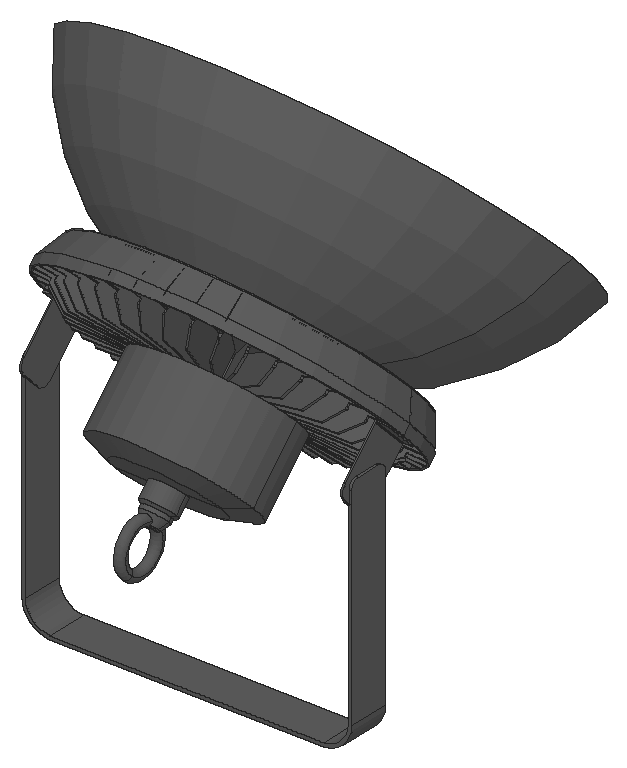
Revit family "0039366+0039354+0039357 Sylvania Lighting Fixture START HighBay IP65 DALI 19000lm 840 WB with BRACKET and ALU SHADE BLACK COLOR FOR 13 19KLM", category Lighting Fixtures, host Face, Revit 2016
Family settings
  Host = Face
  Part Type = Normal
  Round Connector Dimension = Use Diameter
  OmniClass Number = 23.80.70.00
  OmniClass Title = Lighting
  Cut with Voids When Loaded = No
  Light Source = No
  Shared = No
  Room Calculation Point = No
Parameters (values of type "0039366+0039354+0039357  START HighBay IP65 DALI 19000lm 840 WB with BRACKET and ALU SHADE BLACK COLOR FOR 13/19KLM")
  Weight = "3.4 kg"
  Wattage Comments = ""
  WarrantyStartDate [instance] = "n/a"
  WarrantyGuarantorParts = "n/a"
  WarrantyDurationUnit = "n/a"
  WarrantyDurationParts = "n/a"
  WarrantyDescription = "n/a"
  Voltage = 0 V
  URL = "http://www.sylvania-lighting.com"
  TypeName = "START HighBay IP65 DALI 19000lm 840 WB with BRACKET and ALU SHADE BLACK COLOR FOR 13/19KLM"
  TypeHead_FEILO = Start LED Highbay DALI Head : 0039366+0039354+0039357 START HighBay IP65 DALI 19000lm 840 WB with BRACKET and ALU SHADE BLACK COLOR FOR 13/19KLM
  Type Image = <None>
  Type Comments = "n/a"
  TiltAngle_FEILO [instance] = 45.00°
  ThicknessBracketPlate_FEILO = 3 mm
  SizeBracketS_FEILO = no
  SizeBracketM_FEILO = yes
  SerialNumber [instance] = "n/a"
  RadiusBracketTop_FEILO = 7 mm
  RadiusBendOut_FEILO = if(SizeBracketS_FEILO, 18 mm, if(SizeBracketM_FEILO, 24 mm, 28 mm))  # 24 mm
  RadiusBendIn_FEILO = RadiusBendOut_FEILO - ThicknessBracketPlate_FEILO  # 21 mm
  Material_3_FEILO = none
  PowerFactor = 0.95
  PowerConsumption = "150 W"
  NominalLength = 296 mm
  NominalHeight = 172 mm
  NominalDepth = 296 mm
  Name = "START HighBay IP65 DALI 19000lm 840 WB with BRACKET and ALU SHADE BLACK COLOR FOR 13/19KLM"
  ModelReference = Name  # "START HighBay IP65 DALI 19000lm 840 WB with BRACKET and ALU SHADE BLACK COLOR FOR 13/19KLM"
  ModelNumber = "0039366+0039354+0039357"
  Model = Name  # "START HighBay IP65 DALI 19000lm 840 WB with BRACKET and ALU SHADE BLACK COLOR FOR 13/19KLM"
  Material = "aluminium alloy housing, polycarbonate diffuser"
  ManufacturerName = "Feilo Sylvania"
  Manufacturer = "Feilo Sylvania"
  LuminousEfficacy = "130 lm/W"
  LuminaireType = ""
  LightOutputRatio = "n/a"
  LampsType = Lamp  # "LED"
  LampNominalLuminous = "19500 lm"
  LampMacAdamStep = "6"
  LampColourTemperature = "6500 K"
  LampColourRenderingIndex = "80"
  Lamp = "LED"
  Keynote = "16500"
  InstallationDate [instance] = "n/a"
  InputVoltage = "n/a"
  InputNominalFrequency = "50/60 Hz"
  IngressProtection = "IP65"
  ImpactProtectionIndex = "IK08"
  IfcExportType = "IfcLightFixtureType"
  IfcExportAs = "IfcLightFixtureType"
  ExpectedLife = 50000
  EndAngle_FEILO [instance] = TiltAngle_FEILO + 180.00°  # 225.00°
  ElectricShockClassification = "Class I"
  DurationUnit = "hours"
  DocumentationLiterature = "http://www.sylvania-lighting.com/product/en-int/products/0039366"
  DimmingControlOptions = "Dimmable"
  Material_2_FEILO = none
  Description = "START Highbay, includes 1 m cables, black aluminium housing, 19,500 Lm, 150 W, 130 Lm/W, 6500 K, drive current: 3300 mA, CRI 80, 90° beam angle, DALI dimmable, IP65, IK08, 50,000 hrs (L80/B50), (D x H) 296 x 172 mm."
  Default Elevation = 1219.2 mm
  CreatedOn = "5/15/2018"
  CreatedBy = "aron.fodor@sylvania-lighting.com"
  Cost = 0
  built-in parameter 1114216 [instance] = (empty or 0)
  ClassificationValue = "EF_70_80"
  ClassificationName = "Uniclass2015"
  Material_1_FEILO = Body-Sylvania-StartHighbay-Black
  BracketHeight_FEILO = if(SizeBracketS_FEILO, 199.5 mm, if(SizeBracketM_FEILO, 209.6 mm, 201.3 mm))  # 209.6 mm
  BracketDistanceInner_FEILO = if(SizeBracketS_FEILO, 249.4 mm, if(SizeBracketM_FEILO, 273.6 mm, 313.2 mm))  # 273.6 mm
  BarCode [instance] = "n/a"
  AssetType = "Fixed"
  AssetIdentifier [instance] = "n/a"
  Assembly Code = "D5020200"
  Apparent Load = 150 VA
  Material_4_FEILO = none
Reference planes
  plane 1 "Center (Front/Back)": y = 0
  plane 2: z = 0
  plane 3 "Center (Left/Right)": x = 0
  plane 4: x = -139.8
  plane 5: x = 139.8
  plane 6: z = 209.6
  plane 7: x = -136.8
  plane 8: z = 3
  plane 9: x = 136.8
  plane 10: y = 17.5
  plane 11: y = -17.5
  plane 12: y = -19.5
  plane 13: z = 211.6
  plane 14: y = 19.5
  plane 15: z = 200.6
Forms (mm)
  Extrusion 1, solid, material "Body-Sylvania-StartHighbay-Black" <- "Material_1_FEILO"
    sketch origin (0, 0, 0) x (1, 0, 0) y (0, 0, 1)
      loop
        line (-139.8, 209.6) -> (-139.8, 24)
        arc (-139.8, 24) -> (-132.771, 7.029) -> (-115.8, 0) r 24
        line (-115.8, 0) -> (115.8, 0)
        arc (115.8, 0) -> (132.771, 7.029) -> (139.8, 24) r 24
        line (139.8, 24) -> (139.8, 209.6) -> (136.8, 209.6) -> (136.8, 24)
        arc (136.8, 24) -> (130.649, 9.151) -> (115.8, 3) r 21
        line (115.8, 3) -> (-115.8, 3)
        arc (-115.8, 3) -> (-130.649, 9.151) -> (-136.8, 24) r 21
        line (-136.8, 24) -> (-136.8, 209.6) -> (-139.8, 209.6)
    from -17.5 to 17.5
  Extrusion 2, void
    sketch origin (0, 0, 0) x (0, 1, 0) y (0, 0, 1)
      loop
        arc (10.5, 209.6) -> (15.45, 207.55) -> (17.5, 202.6) r 7
        line (17.5, 202.6) -> (19.5, 202.6) -> (19.5, 211.6) -> (-19.5, 211.6) -> (-19.5, 202.6) -> (-17.5, 202.6)
        arc (-17.5, 202.6) -> (-15.45, 207.55) -> (-10.5, 209.6) r 7
        line (-10.5, 209.6) -> (10.5, 209.6)
    from -139.8 to 139.8
  Revolve 3, solid, not visible
    sketch origin (1223.4, -4572, 200.6) x (0, -1, 0) y (1, 0, 0)
      loop
        line (-4572, -1223.4) -> (-4591.5, -1223.4) -> (-4591.5, -1277.783) -> (-4572, -1277.783) -> (-4572, -1223.4)
      axis (-4572, -1223.4) -> (-4572, -1277.783)
    angle from 45 <- "TiltAngle_FEILO" to 225 <- "EndAngle_FEILO"
Cuts and joins
  Extrusion 2 cuts Extrusion 1
Dimensions and locks
  "BracketHeight_FEILO": plane 6 to plane 2
  equal spacing: plane 11, plane 1 "Center (Front/Back)", plane 10
  locked: plane 11 to plane 10 at 35
  equal spacing: plane 9, plane 3 "Center (Left/Right)", plane 7
  "BracketDistanceInner_FEILO": plane 9 to plane 7
  "ThicknessBracketPlate_FEILO": plane 7 to plane 4
  "ThicknessBracketPlate_FEILO": plane 8 to plane 2
  equal spacing: plane 5, plane 3 "Center (Left/Right)", plane 4
  equal spacing: plane 12, plane 1 "Center (Front/Back)", plane 14
  locked: plane 6 to plane 13 at 2
  locked: plane 12 to plane 11 at 2
  locked: plane 6 to plane 15 at 9
  "RadiusBendOut_FEILO": radius of Extrusion 1 sketch curve  (x2)
  "RadiusBendIn_FEILO": radius of Extrusion 1 sketch curve  (x2)
  "RadiusBracketTop_FEILO": radius of Extrusion 2 sketch curve  (x2)
  aligned and locked: plane 2 to host face
  aligned and locked: level to host face
  aligned and locked: Extrusion 1 sketch curve to plane 4
  aligned and locked: Extrusion 1 sketch curve to level
  aligned and locked: plane 6 to Extrusion 1 sketch curve
  aligned and locked: Extrusion 1 sketch curve to plane 6
  aligned and locked: Extrusion 1 sketch curve to plane 7
  aligned and locked: plane 9 to Extrusion 1 sketch curve
  aligned and locked: plane 8 to Extrusion 1 sketch curve
  aligned and locked: Extrusion 1 to plane 10
  aligned and locked: plane 11 to Extrusion 1
  aligned and locked: Extrusion 1 to Extrusion 2 sketch curve
  aligned and locked: plane 14 to Extrusion 2 sketch curve  (x2)
  aligned and locked: Extrusion 2 sketch curve to plane 12
  aligned and locked: plane 13 to Extrusion 2 sketch curve
  aligned and locked: plane 5 to Extrusion 2
  aligned and locked: Extrusion 2 to plane 4
  aligned and locked: Revolve 3 sketch curve to plane 1 "Center (Front/Back)"
  aligned and locked: Revolve 3 sketch curve to Revolve 3 sketch curve
  aligned and locked: plane 3 "Center (Left/Right)" to Revolve 3 sketch curve
  aligned and locked: Revolve 3 sketch curve to plane 14
  aligned and locked: nested 1 to plane 3 "Center (Left/Right)"
Automatic sketch dimensions
  host sketch curve to host sketch curve = 2438.4 mm  (x2)
  Revolve 3 sketch curve to Revolve 3 sketch curve = 54.383 mm
  Revolve 3 sketch curve to plane 4 = 1396.3 mm
  plane 5 to Revolve 3 sketch curve = 1396.3 mm
  Extrusion 1 sketch curve to Extrusion 1 sketch curve = 0 mm
  Extrusion 2 sketch curve to plane 11 = 0 mm
  Extrusion 2 sketch curve to plane 10 = 0 mm
Nested families
  nested 1: "Start LED Highbay DALI Head" at (0, 0, 200.6) x (-1, 0, 0) z (0, 0.7071, 0.7071), type <- "TypeHead_FEILO", type "0039366+0039354+0039357 START HighBay IP65 DALI 19000lm 840 WB with BRACKET and ALU SHADE BLACK COLOR FOR 13/19KLM"
    with built-in parameter 1114216 (empty or 0)
Connectors
  electrical at (0, 0, 0), driven by "Apparent Load", driven by "PowerFactor", driven by "Voltage"
    settings: index 1, voltage 0 V, apparent load 150 VA, apparent load phase1 0 VA, apparent load phase2 0 VA, apparent load phase3 0 VA, power factor 0.95, load classification "Lighting", number of poles 1, system type 30, power factor state 1, is connector primary yes, connector utility no, sub classification motor no, connector description ""
Definition of nested family "Start LED Highbay DALI Head"
  Parameters (values of type "0039367+0039355+0039361 START HighBay IP65 DALI 26000lm 840 WB with BRACKET and PC LAMPSHADE TRANSPARENT FOR 26KLM")
    X_FEILO = if(SizeS_FEILO, 60.3 mm, if(SizeM_FEILO, 70.4 mm, 83.5 mm))  # 83.5 mm
    WidthStraight_FEILO = if(SizeS_FEILO, 3 mm, if(SizeM_FEILO, 4 mm, 4.7 mm))  # 4.7 mm
    WidthRingChamfer_FEILO = if(SizeS_FEILO, 10.3 mm, if(SizeM_FEILO, 11.2 mm, 12.9 mm))  # 12.9 mm
    WidthCurved_FEILO = if(SizeS_FEILO, 17.4 mm, if(SizeM_FEILO, 16.4 mm, 26.2 mm))  # 26.2 mm
    WidthCurvedRing_FEILO = if(SizeS_FEILO, 3 mm, if(SizeM_FEILO, 4 mm, 4.7 mm))  # 4.7 mm
    WidthBracket_FEILO = 40 mm
    Wattage Comments = ""
    Wattage = 190 W
    built-in parameter 1150110 = 1 (stored number, unit not read)
    URL = "http://www.sylvania-lighting.com"
    Type Image = (empty or 0)
    Type Comments = "n/a"
    built-in parameter 1114217 = 1 (stored number, unit not read)
    Tilt Angle = -90.00°
    ThicknessWall_FEILO = 1.5 mm
    ThicknessBracket_FEILO = 1.5 mm
    ThicknessBracketHalf_FEILO = ThicknessBracket_FEILO / 2  # 0.75 mm
    built-in parameter 1150109 = 1 (stored number, unit not read)
    built-in parameter 1150134 = 1
    built-in parameter 1150113 = 1 (stored number, unit not read)
    SizeS_FEILO = no
    SizeM_FEILO = no
    ShadeThickness_FEILO = 3 mm
    ShadeSizeSM_FEILO = or(SizeS_FEILO, SizeM_FEILO)  # no
    ShadeRadiusOut_FEILO = 205 mm
    ShadeRadiusIn_FEILO = if(ShadeSizeSM_FEILO, 95 mm, 121 mm)  # 121 mm
    ShadeRadiusBend_FEILO = if(ShadeSizeSM_FEILO, 210 mm, 210 mm)  # 210 mm
    ShadeOn_FEILO = yes
    ShadeHeight_FEILO = if(ShadeSizeSM_FEILO, 120 mm, 151 mm)  # 151 mm
    Rib4_FEILO = if(SizeS_FEILO, 18.1 mm, if(SizeM_FEILO, 13.6 mm, 14.6 mm))  # 14.6 mm
    Rib3_FEILO = if(SizeS_FEILO, 15.3 mm, if(SizeM_FEILO, 17.6 mm, 20.2 mm))  # 20.2 mm
    Rib2_FEILO = if(SizeS_FEILO, 3.6 mm, if(SizeM_FEILO, 3.9 mm, 4.5 mm))  # 4.5 mm
    Rib1_FEILO = if(SizeS_FEILO, 15.1 mm, if(SizeM_FEILO, 16.5 mm, 19 mm))  # 19 mm
    RadiusDiffuser_FEILO = if(SizeS_FEILO, 95.2 mm, if(SizeM_FEILO, 105.3 mm, 120 mm))  # 120 mm
    RadiusArrayPost_FEILO = DriverRadius_FEILO - 6 mm  # 70.4 mm
    RHRadius3_FEILO = if(SizeS_FEILO, 6.6 mm, if(SizeM_FEILO, 7.4 mm, 8.6 mm))  # 8.6 mm
    RHRadius2_FEILO = if(SizeS_FEILO, 11 mm, if(SizeM_FEILO, 12 mm, 14 mm))  # 14 mm
    RHRadius1_FEILO = if(SizeS_FEILO, 13.6 mm, if(SizeM_FEILO, 14.9 mm, 17.7 mm))  # 17.7 mm
    RHHeight4_FEILO = if(SizeS_FEILO, 7.3 mm, if(SizeM_FEILO, 8 mm, 9.2 mm))  # 9.2 mm
    RHHeight3_FEILO = if(SizeS_FEILO, 3.6 mm, if(SizeM_FEILO, 3.7 mm, 4.6 mm))  # 4.6 mm
    RHHeight2_FEILO = if(SizeS_FEILO, 2 mm, if(SizeM_FEILO, 2.2 mm, 2.6 mm))  # 2.6 mm
    RHHeight1_FEILO = if(SizeS_FEILO, 11.8 mm, if(SizeM_FEILO, 15.3 mm, 17.4 mm))  # 17.4 mm
    Photometric Web File = "0039367+0039361.ies"
    Material_5_FEILO = none
    Material_3_FEILO = none
    Model = "START HighBay IP65 DALI 26000lm 840 WB with BRACKET and PC LAMPSHADE TRANSPARENT FOR 26KLM"
    Manufacturer = "Feilo Sylvania"
    built-in parameter 1150105 = 33385.3 (stored number, unit not read)
    Lumens = 24700 lm
    built-in parameter 1150115 = 1 (stored number, unit not read)
    built-in parameter 1150137 = (empty or 0)
    built-in parameter 1150139 = (empty or 0)
    built-in parameter 1150112 = 1 (stored number, unit not read)
    built-in parameter 1150114 = 1 (stored number, unit not read)
    Lamp = "LED"
    Keynote = "16500"
    built-in parameter 1150132 = (empty or 0)
    built-in parameter 1150102 = (empty or 0)
    built-in parameter 1150107 = 6500 (stored number, unit not read)
    built-in parameter 1150138 = (empty or 0)
    built-in parameter 1150106 = 333.85 (stored number, unit not read)
    HeightRing_FEILO = if(SizeS_FEILO, 19.8 mm, if(SizeM_FEILO, 32 mm, 36.8 mm))  # 36.8 mm
    HeightRingChamfer_FEILO = if(SizeS_FEILO, 11.7 mm, if(SizeM_FEILO, 23.2 mm, 26.6 mm))  # 26.6 mm
    EyeThickness_FEILO = if(SizeS_FEILO, 8.4 mm, if(SizeM_FEILO, 9.2 mm, 10.5 mm))  # 10.5 mm
    EyeThicknessHalf_FEILO = EyeThickness_FEILO / 2  # 5.25 mm
    EyeInner_FEILO = if(SizeS_FEILO, 13.8 mm, if(SizeM_FEILO, 15.1 mm, 17.3 mm))  # 17.3 mm
    Emit from Circle Diameter = RadiusDiffuser_FEILO * 2  # 240 mm
    Emit Shape Visible in Rendering = no
    built-in parameter 1150104 = 12.077 (stored number, unit not read)
    DriverVerticalStraight_FEILO = if(SizeS_FEILO, 46.5 mm, if(SizeM_FEILO, 49.7 mm, 57 mm))  # 57 mm
    DriverVerticalChamfer_FEILO = if(SizeS_FEILO, 7.5 mm, if(SizeM_FEILO, 8.2 mm, 9.5 mm))  # 9.5 mm
    DriverRadius_FEILO = if(SizeS_FEILO, 61.4 mm, if(SizeM_FEILO, 67.2 mm, 76.4 mm))  # 76.4 mm
    DriverRadiusTop_FEILO = if(SizeS_FEILO, 42 mm, if(SizeM_FEILO, 45.3 mm, 52.4 mm))  # 52.4 mm
    DriverBottom_FEILO = if(SizeS_FEILO, 56 mm, if(SizeM_FEILO, 64.5 mm, 74 mm))  # 74 mm
    Material_2_FEILO = none
    Radius_FEILO = if(SizeS_FEILO, 135 mm, if(SizeM_FEILO, 148 mm, 169.5 mm))  # 169.5 mm
    Dimming Lamp Color Temperature Shift = (empty or 0)
    DiameterWire_FEILO = 3 mm
    DiameterWireSupport_FEILO = 10 mm
    Description = "START Highbay, includes 1 m cables, black aluminium housing, 24,700 Lm, 190 W, 130 Lm/W, 6500 K, drive current: 4100 mA, CRI 80, 90° beam angle, DALI dimmable, IP65, IK08, 50,000 hrs (L80/B50), (D x H) 339 x 189 mm."
    Default Elevation = 1219.2 mm
    Cost = 0
    Color Filter = 16777215
    built-in parameter 1114216 [instance] = (empty or 0)
    Material_1_FEILO = none
    built-in parameter 1114218 = 1 (stored number, unit not read)
    built-in parameter 1150133 = 10 (stored number, unit not read)
    Assembly Code = "D5020200"
    Apparent Load = 190 VA
    Material_4_FEILO = none
  Types (24, lengths in mm): name | X_FEILO | WidthStraight_FEILO | WidthRingChamfer_FEILO | WidthCurved_FEILO | WidthCurvedRing_FEILO | Wattage | built-in parameter 1150134 | SizeS_FEILO | SizeM_FEILO | ShadeSizeSM_FEILO | ShadeRadiusIn_FEILO | ShadeOn_FEILO | ShadeHeight_FEILO | Rib4_FEILO | Rib3_FEILO | Rib2_FEILO | Rib1_FEILO | RadiusDiffuser_FEILO | RadiusArrayPost_FEILO | RHRadius3_FEILO | RHRadius2_FEILO | RHRadius1_FEILO | RHHeight4_FEILO | RHHeight3_FEILO | RHHeight2_FEILO | RHHeight1_FEILO | Photometric Web File | Model | built-in parameter 1150105 | Lumens | built-in parameter 1150107 | built-in parameter 1150106 | HeightRing_FEILO | HeightRingChamfer_FEILO | EyeThickness_FEILO | EyeThicknessHalf_FEILO | EyeInner_FEILO | Emit from Circle Diameter | DriverVerticalStraight_FEILO | DriverVerticalChamfer_FEILO | DriverRadius_FEILO | DriverRadiusTop_FEILO | DriverBottom_FEILO | Radius_FEILO | Description | Apparent Load
    0039367+0039355+0039361 START HighBay IP65 DALI 26000lm 840 WB with BRACKET and PC LAMPSHADE TRANSPARENT FOR 26KLM | 83.5 | 4.7 | 12.9 | 26.2 | 4.7 | 190 W | 1 | no | no | no | 121 | yes | 151 | 14.6 | 20.2 | 4.5 | 19 | 120 | 70.4 | 8.6 | 14 | 17.7 | 9.2 | 4.6 | 2.6 | 17.4 | "0039367+0039361.ies" | "START HighBay IP65 DALI 26000lm 840 WB with BRACKET and PC LAMPSHADE TRANSPARENT FOR 26KLM" | 33385.3 (stored number, unit not read) | 24700 lm | 6500 (stored number, unit not read) | 333.85 (stored number, unit not read) | 36.8 | 26.6 | 10.5 | 5.25 | 17.3 | 240 | 57 | 9.5 | 76.4 | 52.4 | 74 | 169.5 | "START Highbay, includes 1 m cables, black aluminium housing, 24,700 Lm, 190 W, 130 Lm/W, 6500 K, drive current: 4100 mA, CRI 80, 90° beam angle, DALI dimmable, IP65, IK08, 50,000 hrs (L80/B50), (D x H) 339 x 189 mm." | 190 VA
    0039367+0039355+0039360 START HighBay IP65 DALI 26000lm 840 WB with BRACKET and ALU SHADE BLACK COLOR FOR 26KLM | 83.5 | 4.7 | 12.9 | 26.2 | 4.7 | 190 W | 1 | no | no | no | 121 | yes | 151 | 14.6 | 20.2 | 4.5 | 19 | 120 | 70.4 | 8.6 | 14 | 17.7 | 9.2 | 4.6 | 2.6 | 17.4 | "0039367+0039360.ies" | "START HighBay IP65 DALI 26000lm 840 WB with BRACKET and ALU SHADE BLACK COLOR FOR 26KLM" | 33569.2 (stored number, unit not read) | 24700 lm | 6500 (stored number, unit not read) | 335.69 (stored number, unit not read) | 36.8 | 26.6 | 10.5 | 5.25 | 17.3 | 240 | 57 | 9.5 | 76.4 | 52.4 | 74 | 169.5 | "START Highbay, includes 1 m cables, black aluminium housing, 24,700 Lm, 190 W, 130 Lm/W, 6500 K, drive current: 4100 mA, CRI 80, 90° beam angle, DALI dimmable, IP65, IK08, 50,000 hrs (L80/B50), (D x H) 339 x 189 mm." | 190 VA
    0039367+0039355+0039359 START HighBay IP65 DALI 26000lm 840 WB with BRACKET and ALU SHADE ALU COLOR FOR 26KLM | 83.5 | 4.7 | 12.9 | 26.2 | 4.7 | 190 W | 1 | no | no | no | 121 | yes | 151 | 14.6 | 20.2 | 4.5 | 19 | 120 | 70.4 | 8.6 | 14 | 17.7 | 9.2 | 4.6 | 2.6 | 17.4 | "0039367+0039359.ies" | "START HighBay IP65 DALI 26000lm 840 WB with BRACKET and ALU SHADE ALU COLOR FOR 26KLM" | 33569.2 (stored number, unit not read) | 24700 lm | 6500 (stored number, unit not read) | 335.69 (stored number, unit not read) | 36.8 | 26.6 | 10.5 | 5.25 | 17.3 | 240 | 57 | 9.5 | 76.4 | 52.4 | 74 | 169.5 | "START Highbay, includes 1 m cables, black aluminium housing, 24,700 Lm, 190 W, 130 Lm/W, 6500 K, drive current: 4100 mA, CRI 80, 90° beam angle, DALI dimmable, IP65, IK08, 50,000 hrs (L80/B50), (D x H) 339 x 189 mm." | 190 VA
    0039367+0039355 START HighBay IP65 DALI 26000lm 840 WB with BRACKET | 83.5 | 4.7 | 12.9 | 26.2 | 4.7 | 190 W | 1 | no | no | no | 121 | no | 151 | 14.6 | 20.2 | 4.5 | 19 | 120 | 70.4 | 8.6 | 14 | 17.7 | 9.2 | 4.6 | 2.6 | 17.4 | "0039367.ies" | "START HighBay IP65 DALI 26000lm 840 WB with BRACKET" | 13532 (stored number, unit not read) | 24700 lm | 6500 (stored number, unit not read) | 135.32 (stored number, unit not read) | 36.8 | 26.6 | 10.5 | 5.25 | 17.3 | 240 | 57 | 9.5 | 76.4 | 52.4 | 74 | 169.5 | "START Highbay, includes 1 m cables, black aluminium housing, 24,700 Lm, 190 W, 130 Lm/W, 6500 K, drive current: 4100 mA, CRI 80, 90° beam angle, DALI dimmable, IP65, IK08, 50,000 hrs (L80/B50), (D x H) 339 x 189 mm." | 190 VA
    0039366+0039354+0039358 START HighBay IP65 DALI 19000lm 840 WB with BRACKET and PC LAMPSHADE TRANSPARENT 13/19KLM | 70.4 | 4 | 11.2 | 16.4 | 4 | 150 W | 1 | no | yes | yes | 95 | yes | 120 | 13.6 | 17.6 | 3.9 | 16.5 | 105.3 | 61.2 | 7.4 | 12 | 14.9 | 8 | 3.7 | 2.2 | 15.3 | "0039366+0039358.ies" | "START HighBay IP65 DALI 19000lm 840 WB with BRACKET and PC LAMPSHADE TRANSPARENT 13/19KLM" | 26356.9 (stored number, unit not read) | 19500 lm | 6500 (stored number, unit not read) | 263.57 (stored number, unit not read) | 32 | 23.2 | 9.2 | 4.6 | 15.1 | 210.6 | 49.7 | 8.2 | 67.2 | 45.3 | 64.5 | 148 | "START Highbay, includes 1 m cables, black aluminium housing, 19,500 Lm, 150 W, 130 Lm/W, 6500 K, drive current: 3300 mA, CRI 80, 90° beam angle, DALI dimmable, IP65, IK08, 50,000 hrs (L80/B50), (D x H) 296 x 172 mm." | 150 VA
    0039366+0039354+0039357 START HighBay IP65 DALI 19000lm 840 WB with BRACKET and ALU SHADE BLACK COLOR FOR 13/19KLM | 70.4 | 4 | 11.2 | 16.4 | 4 | 150 W | 1 | no | yes | yes | 95 | yes | 120 | 13.6 | 17.6 | 3.9 | 16.5 | 105.3 | 61.2 | 7.4 | 12 | 14.9 | 8 | 3.7 | 2.2 | 15.3 | "0039366+0039357.ies" | "START HighBay IP65 DALI 19000lm 840 WB with BRACKET and ALU SHADE BLACK COLOR FOR 13/19KLM" | 26502 (stored number, unit not read) | 19500 lm | 6500 (stored number, unit not read) | 265.02 (stored number, unit not read) | 32 | 23.2 | 9.2 | 4.6 | 15.1 | 210.6 | 49.7 | 8.2 | 67.2 | 45.3 | 64.5 | 148 | "START Highbay, includes 1 m cables, black aluminium housing, 19,500 Lm, 150 W, 130 Lm/W, 6500 K, drive current: 3300 mA, CRI 80, 90° beam angle, DALI dimmable, IP65, IK08, 50,000 hrs (L80/B50), (D x H) 296 x 172 mm." | 150 VA
    0039366+0039354+0039356 START HighBay IP65 DALI 19000lm 840 WB with BRACKET and ALU SHADE ALU COLOR FOR 13/19KLM | 70.4 | 4 | 11.2 | 16.4 | 4 | 150 W | 1 | no | yes | yes | 95 | yes | 120 | 13.6 | 17.6 | 3.9 | 16.5 | 105.3 | 61.2 | 7.4 | 12 | 14.9 | 8 | 3.7 | 2.2 | 15.3 | "0039366+0039356.ies" | "START HighBay IP65 DALI 19000lm 840 WB with BRACKET and ALU SHADE ALU COLOR FOR 13/19KLM" | 26502 (stored number, unit not read) | 19500 lm | 6500 (stored number, unit not read) | 265.02 (stored number, unit not read) | 32 | 23.2 | 9.2 | 4.6 | 15.1 | 210.6 | 49.7 | 8.2 | 67.2 | 45.3 | 64.5 | 148 | "START Highbay, includes 1 m cables, black aluminium housing, 19,500 Lm, 150 W, 130 Lm/W, 6500 K, drive current: 3300 mA, CRI 80, 90° beam angle, DALI dimmable, IP65, IK08, 50,000 hrs (L80/B50), (D x H) 296 x 172 mm." | 150 VA
    0039366+0039354 START HighBay IP65 DALI 19000lm 840 WB with BRACKET | 70.4 | 4 | 11.2 | 16.4 | 4 | 150 W | 1 | no | yes | yes | 95 | no | 120 | 13.6 | 17.6 | 3.9 | 16.5 | 105.3 | 61.2 | 7.4 | 12 | 14.9 | 8 | 3.7 | 2.2 | 15.3 | "0039366.ies" | "START HighBay IP65 DALI 19000lm 840 WB with BRACKET" | 10981.5 (stored number, unit not read) | 19500 lm | 6500 (stored number, unit not read) | 109.82 (stored number, unit not read) | 32 | 23.2 | 9.2 | 4.6 | 15.1 | 210.6 | 49.7 | 8.2 | 67.2 | 45.3 | 64.5 | 148 | "START Highbay, includes 1 m cables, black aluminium housing, 19,500 Lm, 150 W, 130 Lm/W, 6500 K, drive current: 3300 mA, CRI 80, 90° beam angle, DALI dimmable, IP65, IK08, 50,000 hrs (L80/B50), (D x H) 296 x 172 mm." | 150 VA
    0039365+0039353+0039358 START HighBay IP65 DALI 13000lm 840 WB with BRACKET and PC LAMPSHADE TRANSPARENT 13/19KLM | 60.3 | 3 | 10.3 | 17.4 | 3 | 90 W | 1 | yes | no | yes | 95 | yes | 120 | 18.1 | 15.3 | 3.6 | 15.1 | 95.2 | 55.4 | 6.6 | 11 | 13.6 | 7.3 | 3.6 | 2 | 11.8 | "0039365+0039358.ies" | "START HighBay IP65 DALI 13000lm 840 WB with BRACKET and PC LAMPSHADE TRANSPARENT 13/19KLM" | 15814.1 (stored number, unit not read) | 11700 lm | 6500 (stored number, unit not read) | 158.14 (stored number, unit not read) | 19.8 | 11.7 | 8.4 | 4.2 | 13.8 | 190.4 | 46.5 | 7.5 | 61.4 | 42 | 56 | 135 | "START Highbay, includes 1 m cables, black aluminium housing, 11,700 Lm, 90 W, 130 Lm/W, 6500 K, drive current: 2000 mA, CRI 80, 90° beam angle, DALI dimmable, IP65, IK08, 50,000 hrs (L80/B50), (D x H) 270 x 175 mm." | 90 VA
    0039365+0039353+0039357 START HighBay IP65 DALI 13000lm 840 WB with BRACKET and ALU SHADE BLACK COLOR FOR 13/19KLM | 60.3 | 3 | 10.3 | 17.4 | 3 | 90 W | 1 | yes | no | yes | 95 | yes | 120 | 18.1 | 15.3 | 3.6 | 15.1 | 95.2 | 55.4 | 6.6 | 11 | 13.6 | 7.3 | 3.6 | 2 | 11.8 | "0039365+0039357.ies" | "START HighBay IP65 DALI 13000lm 840 WB with BRACKET and ALU SHADE BLACK COLOR FOR 13/19KLM" | 15901.2 (stored number, unit not read) | 11700 lm | 6500 (stored number, unit not read) | 159.01 (stored number, unit not read) | 19.8 | 11.7 | 8.4 | 4.2 | 13.8 | 190.4 | 46.5 | 7.5 | 61.4 | 42 | 56 | 135 | "START Highbay, includes 1 m cables, black aluminium housing, 11,700 Lm, 90 W, 130 Lm/W, 6500 K, drive current: 2000 mA, CRI 80, 90° beam angle, DALI dimmable, IP65, IK08, 50,000 hrs (L80/B50), (D x H) 270 x 175 mm." | 90 VA
    0039365+0039353+0039356 START HighBay IP65 DALI 13000lm 840 WB with BRACKET and ALU SHADE ALU COLOR FOR 13/19KLM | 60.3 | 3 | 10.3 | 17.4 | 3 | 90 W | 1 | yes | no | yes | 95 | yes | 120 | 18.1 | 15.3 | 3.6 | 15.1 | 95.2 | 55.4 | 6.6 | 11 | 13.6 | 7.3 | 3.6 | 2 | 11.8 | "0039365+0039356.ies" | "START HighBay IP65 DALI 13000lm 840 WB with BRACKET and ALU SHADE ALU COLOR FOR 13/19KLM" | 15901.2 (stored number, unit not read) | 11700 lm | 6500 (stored number, unit not read) | 159.01 (stored number, unit not read) | 19.8 | 11.7 | 8.4 | 4.2 | 13.8 | 190.4 | 46.5 | 7.5 | 61.4 | 42 | 56 | 135 | "START Highbay, includes 1 m cables, black aluminium housing, 11,700 Lm, 90 W, 130 Lm/W, 6500 K, drive current: 2000 mA, CRI 80, 90° beam angle, DALI dimmable, IP65, IK08, 50,000 hrs (L80/B50), (D x H) 270 x 175 mm." | 90 VA
    0039365+0039353 START HighBay IP65 DALI 13000lm 840 WB with BRACKET | 60.3 | 3 | 10.3 | 17.4 | 3 | 90 W | 1 | yes | no | yes | 95 | no | 120 | 18.1 | 15.3 | 3.6 | 15.1 | 95.2 | 55.4 | 6.6 | 11 | 13.6 | 7.3 | 3.6 | 2 | 11.8 | "0039365.ies" | "START HighBay IP65 DALI 13000lm 840 WB with BRACKET" | 6365.5 (stored number, unit not read) | 11700 lm | 6500 (stored number, unit not read) | 63.655 (stored number, unit not read) | 19.8 | 11.7 | 8.4 | 4.2 | 13.8 | 190.4 | 46.5 | 7.5 | 61.4 | 42 | 56 | 135 | "START Highbay, includes 1 m cables, black aluminium housing, 11,700 Lm, 90 W, 130 Lm/W, 6500 K, drive current: 2000 mA, CRI 80, 90° beam angle, DALI dimmable, IP65, IK08, 50,000 hrs (L80/B50), (D x H) 270 x 175 mm." | 90 VA
    0039364+0039355+0039361 START HighBay IP65 DALI 26000lm 840 MB with BRACKET and PC LAMPSHADE TRANSPARENT FOR 26KLM | 83.5 | 4.7 | 12.9 | 26.2 | 4.7 | 190 W | 12 | no | no | no | 121 | yes | 151 | 14.6 | 20.2 | 4.5 | 19 | 120 | 70.4 | 8.6 | 14 | 17.7 | 9.2 | 4.6 | 2.6 | 17.4 | "0039364+0039361.ies" | "START HighBay IP65 DALI 26000lm 840 MB with BRACKET and PC LAMPSHADE TRANSPARENT FOR 26KLM" | 33385.3 (stored number, unit not read) | 24700 lm | 4000 (stored number, unit not read) | 333.85 (stored number, unit not read) | 36.8 | 26.6 | 10.5 | 5.25 | 17.3 | 240 | 57 | 9.5 | 76.4 | 52.4 | 74 | 169.5 | "START Highbay, includes 1 m cables, black aluminium housing, 24,700 Lm, 190 W, 130 Lm/W, 4000 K, drive current: 4100 mA, CRI 80, 60° beam angle, DALI dimmable, IP65, IK08, 50,000 hrs (L80/B50), (D x H) 339 x 189 mm." | 190 VA
    0039364+0039355+0039360 START HighBay IP65 DALI 26000lm 840 MB with BRACKET and ALU SHADE BLACK COLOR FOR 26KLM | 83.5 | 4.7 | 12.9 | 26.2 | 4.7 | 190 W | 12 | no | no | no | 121 | yes | 151 | 14.6 | 20.2 | 4.5 | 19 | 120 | 70.4 | 8.6 | 14 | 17.7 | 9.2 | 4.6 | 2.6 | 17.4 | "0039364+0039360.ies" | "START HighBay IP65 DALI 26000lm 840 MB with BRACKET and ALU SHADE BLACK COLOR FOR 26KLM" | 33569.2 (stored number, unit not read) | 24700 lm | 4000 (stored number, unit not read) | 335.69 (stored number, unit not read) | 36.8 | 26.6 | 10.5 | 5.25 | 17.3 | 240 | 57 | 9.5 | 76.4 | 52.4 | 74 | 169.5 | "START Highbay, includes 1 m cables, black aluminium housing, 24,700 Lm, 190 W, 130 Lm/W, 4000 K, drive current: 4100 mA, CRI 80, 60° beam angle, DALI dimmable, IP65, IK08, 50,000 hrs (L80/B50), (D x H) 339 x 189 mm." | 190 VA
    0039364+0039355+0039359 START HighBay IP65 DALI 26000lm 840 MB with BRACKET and ALU SHADE ALU COLOR FOR 26KLM | 83.5 | 4.7 | 12.9 | 26.2 | 4.7 | 190 W | 12 | no | no | no | 121 | yes | 151 | 14.6 | 20.2 | 4.5 | 19 | 120 | 70.4 | 8.6 | 14 | 17.7 | 9.2 | 4.6 | 2.6 | 17.4 | "0039364+0039359.ies" | "START HighBay IP65 DALI 26000lm 840 MB with BRACKET and ALU SHADE ALU COLOR FOR 26KLM" | 33569.2 (stored number, unit not read) | 24700 lm | 4000 (stored number, unit not read) | 335.69 (stored number, unit not read) | 36.8 | 26.6 | 10.5 | 5.25 | 17.3 | 240 | 57 | 9.5 | 76.4 | 52.4 | 74 | 169.5 | "START Highbay, includes 1 m cables, black aluminium housing, 24,700 Lm, 190 W, 130 Lm/W, 4000 K, drive current: 4100 mA, CRI 80, 60° beam angle, DALI dimmable, IP65, IK08, 50,000 hrs (L80/B50), (D x H) 339 x 189 mm." | 190 VA
    0039364+0039355 START HighBay IP65 DALI 26000lm 840 MB with BRACKET | 83.5 | 4.7 | 12.9 | 26.2 | 4.7 | 190 W | 12 | no | no | no | 121 | no | 151 | 14.6 | 20.2 | 4.5 | 19 | 120 | 70.4 | 8.6 | 14 | 17.7 | 9.2 | 4.6 | 2.6 | 17.4 | "0039364.ies" | "START HighBay IP65 DALI 26000lm 840 MB with BRACKET" | 26901.8 (stored number, unit not read) | 24700 lm | 4000 (stored number, unit not read) | 269.02 (stored number, unit not read) | 36.8 | 26.6 | 10.5 | 5.25 | 17.3 | 240 | 57 | 9.5 | 76.4 | 52.4 | 74 | 169.5 | "START Highbay, includes 1 m cables, black aluminium housing, 24,700 Lm, 190 W, 130 Lm/W, 4000 K, drive current: 4100 mA, CRI 80, 60° beam angle, DALI dimmable, IP65, IK08, 50,000 hrs (L80/B50), (D x H) 339 x 189 mm." | 190 VA
    0039363+0039354+0039358 START HighBay IP65 DALI 19000lm 840 MB with BRACKET and PC LAMPSHADE TRANSPARENT 13/19KLM | 70.4 | 4 | 11.2 | 16.4 | 4 | 150 W | 12 | no | yes | yes | 95 | yes | 120 | 13.6 | 17.6 | 3.9 | 16.5 | 105.3 | 61.2 | 7.4 | 12 | 14.9 | 8 | 3.7 | 2.2 | 15.3 | "0039363+0039358.ies" | "START HighBay IP65 DALI 19000lm 840 MB with BRACKET and PC LAMPSHADE TRANSPARENT 13/19KLM" | 26356.9 (stored number, unit not read) | 19500 lm | 4000 (stored number, unit not read) | 263.57 (stored number, unit not read) | 32 | 23.2 | 9.2 | 4.6 | 15.1 | 210.6 | 49.7 | 8.2 | 67.2 | 45.3 | 64.5 | 148 | "START Highbay, includes 1 m cables, black aluminium housing, 19,500 Lm, 150 W, 130 Lm/W, 4000 K, drive current: 3300 mA, CRI 80, 60° beam angle, DALI dimmable, IP65, IK08, 50,000 hrs (L80/B50), (D x H) 296 x 172 mm." | 150 VA
    0039363+0039354+0039357 START HighBay IP65 DALI 19000lm 840 MB with BRACKET and ALU SHADE BLACK COLOR FOR 13/19KLM | 70.4 | 4 | 11.2 | 16.4 | 4 | 150 W | 12 | no | yes | yes | 95 | yes | 120 | 13.6 | 17.6 | 3.9 | 16.5 | 105.3 | 61.2 | 7.4 | 12 | 14.9 | 8 | 3.7 | 2.2 | 15.3 | "0039363+0039357.ies" | "START HighBay IP65 DALI 19000lm 840 MB with BRACKET and ALU SHADE BLACK COLOR FOR 13/19KLM" | 26502 (stored number, unit not read) | 19500 lm | 4000 (stored number, unit not read) | 265.02 (stored number, unit not read) | 32 | 23.2 | 9.2 | 4.6 | 15.1 | 210.6 | 49.7 | 8.2 | 67.2 | 45.3 | 64.5 | 148 | "START Highbay, includes 1 m cables, black aluminium housing, 19,500 Lm, 150 W, 130 Lm/W, 4000 K, drive current: 3300 mA, CRI 80, 60° beam angle, DALI dimmable, IP65, IK08, 50,000 hrs (L80/B50), (D x H) 296 x 172 mm." | 150 VA
    0039363+0039354+0039356 START HighBay IP65 DALI 19000lm 840 MB with BRACKET and ALU SHADE ALU COLOR FOR 13/19KLM | 70.4 | 4 | 11.2 | 16.4 | 4 | 150 W | 12 | no | yes | yes | 95 | yes | 120 | 13.6 | 17.6 | 3.9 | 16.5 | 105.3 | 61.2 | 7.4 | 12 | 14.9 | 8 | 3.7 | 2.2 | 15.3 | "0039363+0039356.ies" | "START HighBay IP65 DALI 19000lm 840 MB with BRACKET and ALU SHADE ALU COLOR FOR 13/19KLM" | 26502 (stored number, unit not read) | 19500 lm | 4000 (stored number, unit not read) | 265.02 (stored number, unit not read) | 32 | 23.2 | 9.2 | 4.6 | 15.1 | 210.6 | 49.7 | 8.2 | 67.2 | 45.3 | 64.5 | 148 | "START Highbay, includes 1 m cables, black aluminium housing, 19,500 Lm, 150 W, 130 Lm/W, 4000 K, drive current: 3300 mA, CRI 80, 60° beam angle, DALI dimmable, IP65, IK08, 50,000 hrs (L80/B50), (D x H) 296 x 172 mm." | 150 VA
    0039363+0039354 START HighBay IP65 DALI 19000lm 840 MB with BRACKET | 70.4 | 4 | 11.2 | 16.4 | 4 | 150 W | 12 | no | yes | yes | 95 | no | 120 | 13.6 | 17.6 | 3.9 | 16.5 | 105.3 | 61.2 | 7.4 | 12 | 14.9 | 8 | 3.7 | 2.2 | 15.3 | "0039363.ies" | "START HighBay IP65 DALI 19000lm 840 MB with BRACKET" | 22125.4 (stored number, unit not read) | 19500 lm | 4000 (stored number, unit not read) | 221.25 (stored number, unit not read) | 32 | 23.2 | 9.2 | 4.6 | 15.1 | 210.6 | 49.7 | 8.2 | 67.2 | 45.3 | 64.5 | 148 | "START Highbay, includes 1 m cables, black aluminium housing, 19,500 Lm, 150 W, 130 Lm/W, 4000 K, drive current: 3300 mA, CRI 80, 60° beam angle, DALI dimmable, IP65, IK08, 50,000 hrs (L80/B50), (D x H) 296 x 172 mm." | 150 VA
    0039362+0039353+0039358 START HighBay IP65 DALI 13000lm 840 MB with BRACKET and PC LAMPSHADE TRANSPARENT 13/19KLM | 60.3 | 3 | 10.3 | 17.4 | 3 | 90 W | 12 | yes | no | yes | 95 | yes | 120 | 18.1 | 15.3 | 3.6 | 15.1 | 95.2 | 55.4 | 6.6 | 11 | 13.6 | 7.3 | 3.6 | 2 | 11.8 | "0039362+0039358.ies" | "START HighBay IP65 DALI 13000lm 840 MB with BRACKET and PC LAMPSHADE TRANSPARENT 13/19KLM" | 15814.1 (stored number, unit not read) | 11700 lm | 4000 (stored number, unit not read) | 158.14 (stored number, unit not read) | 19.8 | 11.7 | 8.4 | 4.2 | 13.8 | 190.4 | 46.5 | 7.5 | 61.4 | 42 | 56 | 135 | "START Highbay, includes 1 m cables, black aluminium housing, 11,700 Lm, 90 W, 130 Lm/W, 4000 K, drive current: 2000 mA, CRI 80, 60° beam angle, DALI dimmable, IP65, IK08, 50,000 hrs (L80/B50), (D x H) 270 x 175 mm." | 90 VA
    0039362+0039353+0039357 START HighBay IP65 DALI 13000lm 840 MB with BRACKET and ALU SHADE BLACK COLOR FOR 13/19KLM | 60.3 | 3 | 10.3 | 17.4 | 3 | 90 W | 12 | yes | no | yes | 95 | yes | 120 | 18.1 | 15.3 | 3.6 | 15.1 | 95.2 | 55.4 | 6.6 | 11 | 13.6 | 7.3 | 3.6 | 2 | 11.8 | "0039362+0039357.ies" | "START HighBay IP65 DALI 13000lm 840 MB with BRACKET and ALU SHADE BLACK COLOR FOR 13/19KLM" | 15901.2 (stored number, unit not read) | 11700 lm | 4000 (stored number, unit not read) | 159.01 (stored number, unit not read) | 19.8 | 11.7 | 8.4 | 4.2 | 13.8 | 190.4 | 46.5 | 7.5 | 61.4 | 42 | 56 | 135 | "START Highbay, includes 1 m cables, black aluminium housing, 11,700 Lm, 90 W, 130 Lm/W, 4000 K, drive current: 2000 mA, CRI 80, 60° beam angle, DALI dimmable, IP65, IK08, 50,000 hrs (L80/B50), (D x H) 270 x 175 mm." | 90 VA
    0039362+0039353+0039356 START HighBay IP65 DALI 13000lm 840 MB with BRACKET and ALU SHADE ALU COLOR FOR 13/19KLM | 60.3 | 3 | 10.3 | 17.4 | 3 | 90 W | 12 | yes | no | yes | 95 | yes | 120 | 18.1 | 15.3 | 3.6 | 15.1 | 95.2 | 55.4 | 6.6 | 11 | 13.6 | 7.3 | 3.6 | 2 | 11.8 | "0039362+0039356.ies" | "START HighBay IP65 DALI 13000lm 840 MB with BRACKET and ALU SHADE ALU COLOR FOR 13/19KLM" | 15901.2 (stored number, unit not read) | 11700 lm | 4000 (stored number, unit not read) | 159.01 (stored number, unit not read) | 19.8 | 11.7 | 8.4 | 4.2 | 13.8 | 190.4 | 46.5 | 7.5 | 61.4 | 42 | 56 | 135 | "START Highbay, includes 1 m cables, black aluminium housing, 11,700 Lm, 90 W, 130 Lm/W, 4000 K, drive current: 2000 mA, CRI 80, 60° beam angle, DALI dimmable, IP65, IK08, 50,000 hrs (L80/B50), (D x H) 270 x 175 mm." | 90 VA
    0039362+0039353 START HighBay IP65 DALI 13000lm 840 MB with BRACKET | 60.3 | 3 | 10.3 | 17.4 | 3 | 90 W | 12 | yes | no | yes | 95 | no | 120 | 18.1 | 15.3 | 3.6 | 15.1 | 95.2 | 55.4 | 6.6 | 11 | 13.6 | 7.3 | 3.6 | 2 | 11.8 | "0039362.ies" | "START HighBay IP65 DALI 13000lm 840 MB with BRACKET" | 13336.9 (stored number, unit not read) | 11700 lm | 4000 (stored number, unit not read) | 133.37 (stored number, unit not read) | 19.8 | 11.7 | 8.4 | 4.2 | 13.8 | 190.4 | 46.5 | 7.5 | 61.4 | 42 | 56 | 135 | "START Highbay, includes 1 m cables, black aluminium housing, 11,700 Lm, 90 W, 130 Lm/W, 4000 K, drive current: 2000 mA, CRI 80, 60° beam angle, DALI dimmable, IP65, IK08, 50,000 hrs (L80/B50), (D x H) 270 x 175 mm." | 90 VA
  Reference planes
    plane 1 "Center (Front/Back)": y = 0
    plane 2: z = 0
    plane 3 "Center (Left/Right)": x = 0
    plane 4: z = 83.5
    plane 5: x = -169.5
    plane 6: x = -156.6
    plane 7: z = 56.9
    plane 8: z = 46.7
    plane 9: x = -151.9
    plane 10: z = 80.875
    plane 11: x = -125.7
    plane 12: x = -120
    plane 13: x = -147.2
    plane 14: z = 81.875
    plane 15: z = 79.875
    plane 16: x = -117
    plane 17: z = 78.875
    plane 18: x = -168
    plane 19: x = -150.5
    plane 20: z = 42.2
    plane 21: x = -130.3
    plane 22: z = 27.6
    plane 23: x = -20
    plane 24: z = 9.5
    plane 25: x = -76.4
    plane 26: z = -47.5
    plane 27: x = -52.4
    plane 28: z = -57
    plane 29: x = -17.7
    plane 30: z = -74.4
    plane 31: z = -77
    plane 32: x = -14
    plane 33: z = -81.6
    plane 34: z = -90.8
    plane 35: x = -8.6
    plane 36: z = -108.1
    plane 37: z = -125.4
    plane 38: x = 5.25
    plane 39: x = -5.25
    plane 40: z = -135.9
    plane 41: z = -130.65
    plane 42: x = -162.3
    plane 43: x = -167
    plane 44: z = 45.2
    plane 45: x = -155.1
    plane 46: z = -19
    plane 47: y = -20
    plane 48: y = 20
    plane 49: x = 169.5
    plane 50: x = 156.6
    plane 51: x = 168
    plane 52: x = 162.3
    plane 53: x = 167
    plane 54: x = 155.1
    plane 55: x = -205
    plane 56: z = 234.5
    plane 57: x = -121
    plane 58: x = -113
    plane 59: x = -202
    plane 60: z = 86.5
  Forms (mm)
    Extrusion 1, solid
      sketch origin (4.2, 0, 0) x (1, 0, 0) y (0, 1, 0)
        loop
          line (-1219.2, 1219.2) -> (-1219.2, -1219.2) -> (1219.2, -1219.2) -> (1219.2, 1219.2) -> (-1219.2, 1219.2)
      from 0 to -68.017
    Revolve 2, solid, material <- "Material_1_FEILO", detail levels medium+fine
      sketch origin (0, 0, 0) x (1, 0, 0) y (0, 0, 1)
        loop
          line (-169.5, 46.7) -> (-168, 46.7) -> (-168, 56.555) -> (-156.206, 80.875) -> (-147.2, 80.875) -> (-147.2, 82.637)
          arc (-147.2, 82.637) -> (-149.554, 83.047) -> (-151.9, 83.5) r 132.063
          line (-151.9, 83.5) -> (-156.141, 83.5)
          arc (-156.141, 83.5) -> (-156.63, 83.326) -> (-156.899, 82.883) r 0.774
          line (-156.899, 82.883) -> (-169.5, 56.9) -> (-169.5, 46.7)
        axis (0, 83.5) -> (0, 46.7)
      angle from 360 to 0
    Revolve 3, solid, material <- "Material_1_FEILO", detail levels medium+fine
      sketch origin (0, 0, 0) x (1, 0, 0) y (0, 0, 1)
        loop
          line (-125.7, 78.875) -> (-120, 78.875) -> (-120, 56.9) -> (0, 56.9) -> (0, 78.875) -> (-117, 78.875) -> (-117, 79.875) -> (-120, 79.875) -> (-120, 80.875) -> (-125.7, 80.875) -> (-125.7, 78.875)
        axis (0, 80.875) -> (0, 56.9)
      angle from 360 to 0
    Revolve 4, solid, material <- "Material_2_FEILO", detail levels medium+fine
      sketch origin (0, 0, 0) x (1, 0, 0) y (0, 0, 1)
        loop
          line (-120, 79.875) -> (0, 79.875) -> (0, 81.875) -> (-120, 81.875) -> (-120, 79.875)
        axis (0, 81.875) -> (0, 79.875)
      angle from 360 to 0
    Revolve 5, solid, material <- "Material_1_FEILO"
      sketch origin (0, 0, 0) x (1, 0, 0) y (0, 0, 1)
        loop
          line (-76.4, 27.6) -> (-76.4, -47.5) -> (-52.4, -57) -> (-17.7, -57) -> (-17.7, -74.4) -> (-14, -77) -> (-14, -81.6) -> (-9.037, -90.074)
          arc (-9.037, -90.074) -> (-8.49, -90.606) -> (-7.753, -90.8) r 1.5
          line (-7.753, -90.8) -> (0, -90.8) -> (0, 27.6) -> (-76.4, 27.6)
        axis (0, 27.6) -> (0, -90.8)
      angle from 360 to 0
    Revolve 6, solid, material <- "Material_1_FEILO"
      sketch origin (0, 0, 0) x (1, 0, 0) y (0, 0, 1)
        loop
          circle (0, -130.65) r 5.25
        axis (5.25, -108.1) -> (-5.25, -108.1)
      angle from 360 to 0
    Extrusion 7, solid, material <- "Material_1_FEILO"
      sketch origin (0, 0, 0) x (1, 0, 0) y (0, 0, 1)
        loop
          line (-167, 46.7) -> (-167, 45.2) -> (-157.35, 45.2)
          arc (-157.35, 45.2) -> (-156.82, 44.98) -> (-156.6, 44.45) r 0.75
          line (-156.6, 44.45) -> (-156.6, -19) -> (-155.1, -19) -> (-155.1, 45.2)
          arc (-155.1, 45.2) -> (-155.539, 46.261) -> (-156.6, 46.7) r 1.5
          line (-156.6, 46.7) -> (-167, 46.7)
        loop
          line (167, 46.7) -> (156.6, 46.7)
          arc (156.6, 46.7) -> (155.539, 46.261) -> (155.1, 45.2) r 1.5
          line (155.1, 45.2) -> (155.1, -19) -> (156.6, -19) -> (156.6, 44.45)
          arc (156.6, 44.45) -> (156.82, 44.98) -> (157.35, 45.2) r 0.75
          line (157.35, 45.2) -> (167, 45.2) -> (167, 46.7)
      from -20 to 20
    Extrusion 8, void
      sketch origin (0, 0, 0) x (0, 1, 0) y (0, 0, 1)
        loop
          arc (-10, -19) -> (-17.071, -16.071) -> (-20, -9) r 10
          line (-20, -9) -> (-25, -9) -> (-25, -24) -> (-10, -24) -> (-10, -19)
        loop
          line (10, -19) -> (10, -24) -> (25, -24) -> (25, -9) -> (20, -9)
          arc (20, -9) -> (17.071, -16.071) -> (10, -19) r 10
      from -156.6 to 156.6
    Revolve 9, solid, material <- "Material_1_FEILO", detail levels coarse
      sketch origin (0, 0, 0) x (1, 0, 0) y (0, 0, 1)
        loop
          line (0, 83.5) -> (-156.6, 83.5) -> (-169.5, 56.9) -> (-169.5, 46.7) -> (-150.5, 46.7) -> (-150.5, 42.2) -> (-130.3, 27.6) -> (0, 27.6) -> (0, 83.5)
        axis (0, 83.5) -> (0, 27.6)
      angle from 360 to 0
    Revolve 10, solid, material <- "Material_4_FEILO", visible <- "ShadeOn_FEILO"
      sketch origin (0, 0, 0) x (1, 0, 0) y (0, 0, 1)
        loop
          line (-121, 83.5) -> (-113, 83.5) -> (-113, 86.5) -> (-120.341, 86.5)
          arc (-120.341, 86.5) -> (-177.055, 151.769) -> (-202.193, 234.5) r 207.203
          line (-202.193, 234.5) -> (-205, 234.5)
          arc (-205, 234.5) -> (-179.25, 149.96) -> (-121, 83.5) r 210
        axis (0, 234.5) -> (0, 83.5)
      angle from 360 to 0
  Cuts and joins
    Extrusion 8 cuts Extrusion 7
  Lines and regions (mm)
    reference lines
      curve 1: line (-169.5, 0, 56.9) -> (-156.6, 0, 83.5)
      curve 2: line (-125.7, 0, 80.875) -> (0, 0, 80.875)
      curve 3: arc (-125.7, 0, 80.875) -> (-138.866, 0, 81.533) -> (-151.9, 0, 83.5) r 132.063
      curve 4: line (-156.6, 0, 83.5) -> (-151.9, 0, 83.5)
      curve 5: line (-156.206, 0, 80.875) -> (-168, 0, 56.555)
      curve 6: line (-150.5, 0, 42.2) -> (-130.3, 0, 27.6)
      curve 7: line (-14, 0, -81.6) -> (-8.6, 0, -90.8)
      curve 8: circle (0, 0, -130.65) r 5.25 normal (0, -1, 0)
      curve 9: arc (-121, 0, 83.5) -> (-179.25, 0, 149.96) -> (-205, 0, 234.5) r 210
  Dimensions and locks
    "Radius_FEILO": plane 3 "Center (Left/Right)" to plane 5
    "WidthRingChamfer_FEILO": plane 6 to plane 5
    "WidthStraight_FEILO": plane 9 to plane 6
    "WidthCurvedRing_FEILO": plane 13 to plane 9
    locked: plane 10 to plane 15 at 1
    locked: plane 14 to plane 10 at 1
    locked: plane 4 to plane 10 at 2.625
    locked: plane 15 to plane 17 at 1
    "ThicknessWall_FEILO": plane 18 to plane 5
    "ThicknessWall_FEILO": curve 5 to curve 1
    "HeightRingChamfer_FEILO": plane 4 to plane 7
    "HeightRing_FEILO": plane 4 to plane 8
    "RadiusDiffuser_FEILO": plane 3 "Center (Left/Right)" to plane 12
    locked: plane 16 to plane 12 at 3
    "WidthCurved_FEILO": plane 11 to plane 9
    "X_FEILO": plane 4 to plane 2
    "Rib1_FEILO": plane 19 to plane 5
    "Rib2_FEILO": plane 8 to plane 20
    "Rib3_FEILO": plane 21 to plane 19
    "Rib4_FEILO": plane 20 to plane 22
    locked: plane 3 "Center (Left/Right)" to plane 23 at 20
    "DriverBottom_FEILO": plane 4 to plane 24
    "DriverRadius_FEILO": plane 3 "Center (Left/Right)" to plane 25
    "DriverVerticalStraight_FEILO": plane 24 to plane 26
    "DriverRadiusTop_FEILO": plane 3 "Center (Left/Right)" to plane 27
    "DriverVerticalChamfer_FEILO": plane 26 to plane 28
    "RHRadius1_FEILO": plane 3 "Center (Left/Right)" to plane 29
    "RHHeight2_FEILO": plane 30 to plane 31
    "RHRadius2_FEILO": plane 3 "Center (Left/Right)" to plane 32
    "RHHeight3_FEILO": plane 31 to plane 33
    "RHHeight4_FEILO": plane 33 to plane 34
    "RHRadius3_FEILO": plane 3 "Center (Left/Right)" to plane 35
    "RHHeight1_FEILO": plane 28 to plane 30
    "EyeInner_FEILO": plane 34 to plane 36
    "EyeInner_FEILO": plane 36 to plane 37
    equal spacing: plane 38, plane 3 "Center (Left/Right)", plane 39
    "EyeThickness_FEILO": plane 38 to plane 39
    "EyeThickness_FEILO": plane 37 to plane 40
    equal spacing: plane 37, plane 41, plane 40
    equal spacing: plane 6, plane 42, plane 18
    "ThicknessBracket_FEILO": plane 45 to plane 6
    "ThicknessBracket_FEILO": plane 8 to plane 44
    locked: plane 43 to plane 18 at 1
    equal spacing: plane 24, plane 46, plane 26
    equal spacing: plane 47, plane 1 "Center (Front/Back)", plane 48
    "WidthBracket_FEILO": plane 47 to plane 48
    "WidthRingChamfer_FEILO": plane 50 to plane 49
    "ThicknessWall_FEILO": plane 51 to plane 49
    equal spacing: plane 50, plane 52, plane 51
    "ThicknessBracket_FEILO": plane 54 to plane 50
    locked: plane 53 to plane 51 at 1
    "Radius_FEILO": plane 49 to plane 3 "Center (Left/Right)"
    "ShadeRadiusOut_FEILO": plane 3 "Center (Left/Right)" to plane 55
    "ShadeHeight_FEILO": plane 56 to plane 4
    "ShadeRadiusIn_FEILO": plane 3 "Center (Left/Right)" to plane 57
    locked: plane 58 to plane 57 at 8
    "ShadeThickness_FEILO": plane 60 to plane 4
    "ShadeThickness_FEILO": plane 59 to plane 55
    "EyeThicknessHalf_FEILO": radius of curve 8
    "ThicknessBracket_FEILO": radius of Extrusion 7 sketch curve  (x2)
    "ThicknessBracketHalf_FEILO": radius of Extrusion 7 sketch curve  (x2)
    "ShadeRadiusBend_FEILO": radius of curve 9
    aligned and locked: plane 2 to Extrusion 1
    aligned and locked: level to Extrusion 1
    aligned and locked: plane 5 to curve 1
    aligned and locked: plane 6 to curve 1
    aligned and locked: plane 7 to curve 1
    aligned and locked: plane 10 to curve 2
    aligned and locked: plane 9 to curve 3
    aligned and locked: plane 4 to curve 3
    aligned and locked: plane 11 to curve 3
    aligned and locked: plane 4 to curve 4
    aligned and locked: plane 18 to curve 5
    aligned and locked: plane 10 to curve 5
    aligned and locked: Revolve 2 sketch curve to plane 3 "Center (Left/Right)"
    aligned and locked: Revolve 2 sketch curve to curve 3
    aligned and locked: Revolve 2 sketch curve to curve 1
    aligned and locked: plane 4 to Revolve 2 sketch curve
    aligned and locked: plane 9 to Revolve 2 sketch curve
    aligned and locked: Revolve 2 sketch curve to plane 13
    aligned and locked: Revolve 2 sketch curve to plane 10
    aligned and locked: plane 13 to Revolve 2 sketch curve
    aligned and locked: plane 10 to Revolve 2 sketch curve
    aligned and locked: Revolve 2 sketch curve to plane 18
    aligned and locked: Revolve 2 sketch curve to plane 8
    aligned and locked: plane 5 to Revolve 2 sketch curve  (x2)
    aligned and locked: Revolve 3 sketch curve to plane 3 "Center (Left/Right)"
    aligned and locked: plane 11 to Revolve 3 sketch curve
    aligned and locked: Revolve 3 sketch curve to curve 2
    aligned and locked: plane 15 to Revolve 3 sketch curve
    aligned and locked: Revolve 3 sketch curve to plane 16
    aligned and locked: plane 17 to Revolve 3 sketch curve  (x2)
    aligned and locked: Revolve 3 sketch curve to plane 12
    aligned and locked: plane 7 to Revolve 3 sketch curve
    aligned and locked: Revolve 4 sketch curve to plane 3 "Center (Left/Right)"
    aligned and locked: Revolve 4 sketch curve to plane 14
    aligned and locked: plane 3 "Center (Left/Right)" to Revolve 4 sketch curve
    aligned and locked: Revolve 4 sketch curve to plane 12
    aligned and locked: plane 15 to Revolve 4 sketch curve
    aligned and locked: Revolve 2 sketch curve to curve 5
    aligned and locked: plane 22 to curve 6
    aligned and locked: plane 21 to curve 6
    aligned and locked: plane 20 to curve 6
    aligned and locked: plane 19 to curve 6
    aligned and locked: plane 33 to curve 7
    aligned and locked: plane 32 to curve 7
    aligned and locked: plane 35 to curve 7
    aligned and locked: plane 34 to curve 7
    aligned and locked: Revolve 5 sketch curve to plane 3 "Center (Left/Right)"
    aligned and locked: Revolve 5 sketch curve to plane 25
    aligned and locked: plane 27 to Revolve 5 sketch curve
    aligned and locked: plane 28 to Revolve 5 sketch curve
    aligned and locked: plane 30 to Revolve 5 sketch curve
    aligned and locked: Revolve 5 sketch curve to plane 29
    aligned and locked: plane 31 to Revolve 5 sketch curve
    aligned and locked: Revolve 5 sketch curve to curve 7
    aligned and locked: Revolve 5 sketch curve to plane 32
    aligned and locked: plane 34 to Revolve 5 sketch curve
    aligned and locked: plane 3 "Center (Left/Right)" to Revolve 5 sketch curve
    aligned and locked: plane 3 "Center (Left/Right)" to curve 8
    aligned and locked: plane 41 to curve 8
    aligned and locked: Revolve 6 sketch curve to plane 36
    aligned and locked: Revolve 6 sketch curve to curve 8
    aligned and locked: plane 43 to Extrusion 7 sketch curve  (x2)
    aligned and locked: plane 8 to Extrusion 7 sketch curve  (x3)
    aligned and locked: Extrusion 7 sketch curve to plane 45
    aligned and locked: Extrusion 7 sketch curve to plane 46  (x2)
    aligned and locked: plane 6 to Extrusion 7 sketch curve
    aligned and locked: Extrusion 7 sketch curve to plane 44  (x2)
    aligned and locked: Extrusion 7 to plane 48
    aligned and locked: plane 47 to Extrusion 7
    aligned and locked: plane 53 to Extrusion 7 sketch curve
    aligned and locked: plane 50 to Extrusion 7 sketch curve
    aligned and locked: Extrusion 7 sketch curve to plane 54
    aligned and locked: Extrusion 8 sketch curve to Extrusion 8 sketch curve
    aligned and locked: Extrusion 8 to plane 6
    aligned and locked: Extrusion 8 to Extrusion 7
    aligned and locked: Revolve 5 sketch curve to plane 22
    aligned and locked: plane 23 to nested 1
    aligned and locked: plane 1 "Center (Front/Back)" to nested 1
    aligned and locked: Revolve 9 sketch curve to plane 3 "Center (Left/Right)"
    aligned and locked: Revolve 9 sketch curve to plane 4
    aligned and locked: plane 6 to Revolve 9 sketch curve
    aligned and locked: plane 4 to Revolve 9 sketch curve
    aligned and locked: plane 7 to Revolve 9 sketch curve
    aligned and locked: Revolve 9 sketch curve to plane 5
    aligned and locked: plane 8 to Revolve 9 sketch curve  (x2)
    aligned and locked: Revolve 9 sketch curve to plane 19
    aligned and locked: plane 20 to Revolve 9 sketch curve
    aligned and locked: plane 19 to Revolve 9 sketch curve
    aligned and locked: plane 21 to Revolve 9 sketch curve
    aligned and locked: plane 22 to Revolve 9 sketch curve  (x2)
    aligned and locked: Revolve 9 sketch curve to Revolve 9 sketch curve
    aligned and locked: imposter light to plane 4
    aligned and locked: plane 3 "Center (Left/Right)" to imposter light
    aligned and locked: imposter light to plane 1 "Center (Front/Back)"
    aligned and locked: plane 55 to curve 9
    aligned and locked: plane 56 to curve 9
    aligned and locked: plane 57 to curve 9
    aligned and locked: plane 4 to curve 9
    aligned and locked: Revolve 10 sketch curve to curve 9
    aligned and locked: plane 58 to Revolve 10 sketch curve
    aligned and locked: plane 57 to Revolve 10 sketch curve
    aligned and locked: plane 56 to Revolve 10 sketch curve  (x2)
    aligned and locked: Revolve 10 sketch curve to plane 58
    aligned and locked: plane 60 to Revolve 10 sketch curve
  Automatic sketch dimensions
    Extrusion 1 sketch curve to Extrusion 1 sketch curve = 2438.4 mm  (x2)
    Revolve 2 sketch curve to plane 6 = 0.299 mm
    plane 6 to Revolve 2 sketch curve = 0.459 mm
    Revolve 2 sketch curve to level = 609.6 mm
    Revolve 2 sketch curve to Revolve 2 sketch curve = 2312.223 mm
    Revolve 3 sketch curve to plane 12 = 0 mm
    Revolve 3 sketch curve to plane 3 "Center (Left/Right)" = 0 mm
    Revolve 3 sketch curve to level = 609.6 mm
    Revolve 3 sketch curve to plane 4 = 2339.058 mm
    Revolve 4 sketch curve to level = 609.6 mm
    Revolve 4 sketch curve to plane 4 = 2339.058 mm
    Revolve 6 sketch curve to plane 5 = 1080 mm
    plane 38 to Revolve 6 sketch curve = 1219.2 mm
    Extrusion 8 sketch curve to plane 47 = 0 mm
    plane 46 to Extrusion 8 sketch curve = 0 mm  (x2)
    Extrusion 8 sketch curve to plane 48 = 0 mm
    plane 47 to Extrusion 8 sketch curve = 5 mm
    plane 1 "Center (Front/Back)" to Extrusion 8 sketch curve = 10 mm
    Extrusion 8 sketch curve to Extrusion 8 sketch curve = 10 mm
    plane 46 to Extrusion 8 sketch curve = 5 mm
    Extrusion 8 sketch curve to Extrusion 8 sketch curve = 5 mm
    Extrusion 8 sketch curve to plane 48 = 5 mm
    Revolve 5 sketch curve to plane 26 = 0 mm
    Revolve 5 sketch curve to plane 35 = 0.437 mm
    plane 35 to Revolve 5 sketch curve = 0.847 mm
    Revolve 5 sketch curve to plane 34 = 0.726 mm
    plane 40 to Revolve 5 sketch curve = 590.2 mm
    Revolve 5 sketch curve to plane 4 = 2339.058 mm
    Revolve 9 sketch curve to level = 609.6 mm
    Revolve 9 sketch curve to Revolve 9 sketch curve = 2386.058 mm
    curve 2 to plane 3 "Center (Left/Right)" = 0 mm
    Revolve 10 sketch curve to Revolve 10 sketch curve = 0 mm  (x2)
    Revolve 10 sketch curve to plane 3 "Center (Left/Right)" = 0 mm
    plane 57 to Revolve 10 sketch curve = 0.659 mm
    Revolve 10 sketch curve to level = 609.6 mm
    Revolve 10 sketch curve to Revolve 10 sketch curve = 2068.248 mm
  Nested families
    nested 1: "Start Highbay Rib" at (0, 0, 80.875), type "Type Name", detail levels medium+fine
      with SuspensionHeight_FEILO 2.6 mm
    nested 2: "Start Highbay Rib" at (0, 0, 80.875) x (0.9877, 0.1564, 0) z (0, 0, 1), type "Type Name", detail levels medium+fine
      with SuspensionHeight_FEILO 2.6 mm
    nested 3: "Start Highbay Rib" at (0, 0, 80.875) x (0.9511, 0.309, 0) z (0, 0, 1), type "Type Name", detail levels medium+fine
      with SuspensionHeight_FEILO 2.6 mm
    nested 4: "Start Highbay Rib" at (0, 0, 80.875) x (0.891, 0.454, 0) z (0, 0, 1), type "Type Name", detail levels medium+fine
      with SuspensionHeight_FEILO 2.6 mm
    nested 5: "Start Highbay Rib" at (0, 0, 80.875) x (0.809, 0.5878, 0) z (0, 0, 1), type "Type Name", detail levels medium+fine
      with SuspensionHeight_FEILO 2.6 mm
